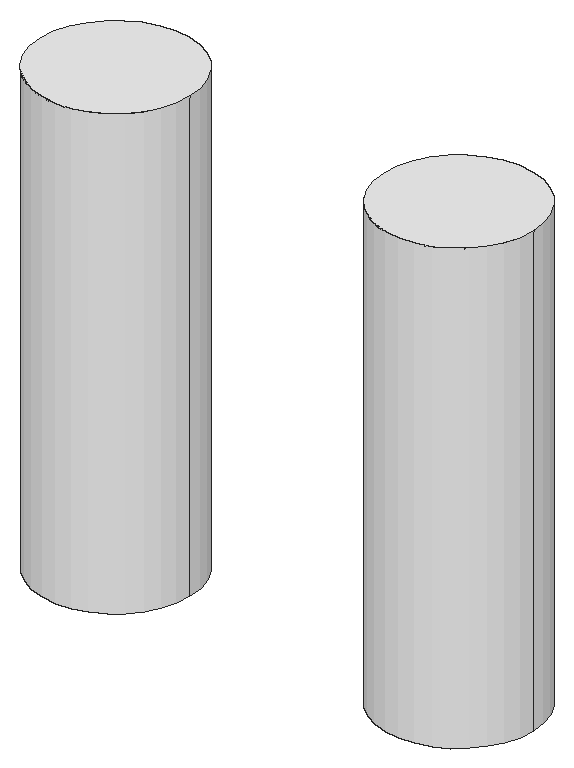
Revit family "563622030037", category Plumbing Fixtures, Revit 2020
Family settings
  Round Connector Dimension = Use Diameter
  Part Type = Normal
  OmniClass Number = 23.45.55.00
  OmniClass Title = Sanitary Faucets, Wastes
  Work Plane-Based = No
  Always vertical = Yes
  Cut with Voids When Loaded = No
  Shared = No
  Room Calculation Point = No
Parameters (values of type "563622030037 Washbasin faucet")
  Working Pressure = "50 - 1000 kPa"
  WarrantyStartDate [instance] = "n/a"
  WarrantyGuarantorParts = "n/a"
  WarrantyGuarantorLabor = "n/a"
  WarrantyDurationUnit = "Year"
  WarrantyDurationParts = "n/a"
  WarrantyDurationLabor = "n/a"
  WarrantyDescription = "http://warranty.hansa.com"
  Warranty Information URL = "http://warranty.hansa.com"
  VersionDate = "01/06/2023"
  Version = "1"
  ValvePattern = "n/a"
  ValveOperation = "n/a"
  ValveMechanism = "n/a"
  Uniclass2015Reference = "Pr_40_20_87_96"
  Uniclass2015Description = "Washbasin manual water supply sets"
  Uniclass2 = "Pr_40_30_96_96"
  URL REACH = "http://static.hansa.com/doc/reach"
  URL Materials Declaration = "http://www.hansa.com/fileadmin/resources/182727_563622030037_materialsdeclaration.pdf"
  URL Global Mark = "http://static.hansa.com/Globalmark/563622030037"
  URL Environmental Product Declaration EPD = "http://www.hansa.com/fileadmin/resources/184523_EPD_Washbasin faucet.pdf"
  URL EcoLabel Declaration = "http://static.hansa.com/doc/EcoLabel"
  URL EU Packaging Declaration = "http://static.hansa.com/doc/packaging"
  URL Declaration of SCIP = "http://static.hansa.com/doc/SCIP"
  URL Declaration of Conformity = "http://static.hansa.com/DoC/563622030037"
  URL Declaration of Asbestos = "http://static.hansa.com/doc/asbestos"
  URL Declaration Of Performance (DOP) = "http://static.hansa.com/doc/DoP"
  URL = ""
  UNSPSC Class Number = "30181700 Faucets or taps"
  TestPressure = "n/a"
  Temperature Adjustments = "Limitation option for maximum temperature and flow-rate ;Adjustable hot water stop (included, retrofittable)"
  Technical DataSheet URL = "http://www.hansa.com/datasheet/563622030037/en"
  TagNumber [instance] = "n/a"
  SustainabilityPerformance = "n/a"
  Surface treatment = "Chrome"
  Spout Type = "Fixed spout"
  Spout Projection = "102 mm"
  Spare-Part Information URL = "http://static.hansa.com/sp/563622030037"
  Size = "50x135x135 mm"
  Shape = "Sculptured"
  SerialNumber [instance] = "n/a"
  Sales Package dimensions (LxWxH) = "540 x 146 x 59"
  Revision = "n/a"
  ReplacementCost = "n/a"
  ProductInformation = "n/a"
  Product URL = "http://static.hansa.com/563622030037"
  Product Image URL = "http://static.hansa.com/image/563622030037"
  Product Family = "HANSAPALENO "
  Product Code = "563622030037"
  OperatingMechanismMaterial = "n/a"
  NominalWidth = 48.9 mm
  NominalHeight = 136 mm
  NominalDepth = 137.1 mm
  Noise Class = "I (ISO3822)"
  Name_en = "563622030037 Washbasin faucet"
  Name = "563622030037 Washbasin faucet"
  NBSReference = "45-35-70/371"
  NBSDescription = "Water supply fittings for wash basins and troughs"
  Mounting Holes = "1 hole"
  ModelReference = "563622030037"
  ModelNumber = "n/a"
  Model = "563622030037 Washbasin faucet"
  Mobile Product Information URL = "http://mpi.hansa.com/563622030037"
  Mechanical Parts = "ø 35 mm ceramic cartridge for flow and temperature control"
  Max. Hot Water Supply = 70 °C
  Material = "Brass"
  Market = "International;Australia"
  ManufacturerURL = "http://www.hansa.com"
  ManufacturerName = "HANSA"
  Manufacturer = "HANSA"
  Lever Handle = "Hot/Cold symbols;Single operating lever/handle"
  Interactive AR View URL = "https://static.hansa.com/AR/563622030037"
  InstallationDate [instance] = "n/a"
  Installation and Maintenance Guide URL = "http://static.hansa.com/manual/563622030037"
  Installation Type = "Deck mounted"
  InletConnectionSize = 10 mm
  IfcExportType = "FAUCET"  # constant formula
  IfcExportAs = "IfcValveType"  # constant formula
  Group = "Washbasin faucet"
  Grade = "n/a"
  FlowCoefficient = 0
  Flow Rate At 300kPa With Flow Controller = 0.01 L/s
  Flow Drawing URL = "http://static.hansa.com/flowchart/563622030037"
  Finish = "Polished"
  Features = "Single-lever"
  FaucetMainMaterial = Brass
  FDV Document URL = "http://www.hansa.com/datasheet/563622030037/en/fdv"
  ExpectedLife = "n/a"
  Excluded Items = "Without pop-up waste"
  ETIM Class Number = "EC011328 Washbasin mixing tap"
  EN Standard = "EN 817"
  EAN Number = "4057304012068"
  DurationUnit = "Year"
  Dimension Drawing URL = "http://static.hansa.com/dimdrw/563622030037"
  Description = ""
  DefaultElevation [instance] = 900 mm
  Default Elevation = 0 mm
  Constituents = "n/a"
  Connection Size = "G1/2"
  Connection = "Flexible inlet pipes"
  Color = "Chrome"
  CodePerformance = "n/a"
  CloseOffRating = 0
  Certificate Global Mark = "GM-WM-040199-I02-R00"
  Category = "Washbasin"
  Catalog Drawing URL = "http://static.hansa.com/catdrw/563622030037"
  CO2 Emissions (D) = -5.67
  CO2 Emissions (C4) = 0.06
  CO2 Emissions (C3) = 0.02
  CO2 Emissions (C2) = 0.01
  CO2 Emissions (B7) = 1854
  CO2 Emissions (A4) = 0.22
  CO2 Emissions (A1-A3) = 7.98
  Brand = "HANSA"
  BodyMaterial = "Brass"
  Barcode [instance] = "n/a"
  BIMObjectName = "563622030037"
  Author = "BIMStone"
  AssetType = "Fixed"
  AssetIdentifier [instance] = "n/a"
  Aerator = "Standard aerator"
  Advanced Features = "3S-installation system for safe and simple mounting"
  AccessibilityPerformance = "n/a"
  3D View = "https://static.hansa.com/AR/563622030037"
  2D/3D/BIM Files URL = "http://static.hansa.com/bim/563622030037"
Reference planes
  plane 1 "Center (Front/Back)": y = 0
  plane 2: z = 0
  plane 3 "Center (Left/Right)": x = 0
  plane 4: x = -24.45
  plane 5: z = 900
  plane 6: z = 870
  plane 7: y = -137.1
  plane 8: x = 24.45
  plane 9: z = 1036
Forms (mm)
  Extrusion 1, solid, material "Brass" <- "FaucetMainMaterial"
    sketch origin (-44.989, 12.403, 0) x (1, 0, 0) y (0, 1, 0)
      loop
        circle (33.489, -36) r 5
      loop
        circle (56.489, -36) r 5
    from 870 to 900
Dimensions and locks
  "DefaultElevation": plane 5 to level
  locked: plane 5 to plane 6 at 30
  "NominalDepth": plane 7 to plane 1 "Center (Front/Back)"
  "NominalHeight": plane 9 to plane 5
  equal spacing: plane 4, plane 3 "Center (Left/Right)", plane 8
  "NominalWidth": plane 4 to plane 8
  "InletConnectionSize": diameter of Extrusion 1 sketch curve  (x2)
  aligned and locked: level to plane 2
  aligned and locked: plane 5 to Extrusion 1
  aligned and locked: Extrusion 1 to plane 6
  aligned and locked: nested 2 to plane 5
Automatic sketch dimensions
  Extrusion 1 sketch curve to plane 3 "Center (Left/Right)" = 11.5 mm
  plane 3 "Center (Left/Right)" to Extrusion 1 sketch curve = 11.5 mm
  plane 1 "Center (Front/Back)" to Extrusion 1 sketch curve = 23.597 mm  (x2)
Nested families
  nested 1: "Symbol" at (0, 0, 0), type "Symbol", detail levels coarse
  nested 2: "563622030037_p" at (0, 0, 900), Main <- "FaucetMainMaterial", type "563622030037_p"
    with Main Brass
Connectors
  piping at (-11.5, -23.597, 870), diameter 10, driven by "InletConnectionSize"
    settings: on Extrusion 1, index 1, connector inside diameter 609.6 mm, connector length 0 mm, flow factor 0, pipe flow 0.1 L/s, pressure drop 0.0 Pa, fitting loss kfactor 0, connector angle 0.00°, fixture units 0, engagement length 0 mm, angle of deflection 0.00°, flow configuration 1, flow direction 1, fitting loss method 0, system type 19, joint type 0, gender type 0, connector reference index -1, connector utility 0, adjustable connector no, is connector primary yes, connector description ""
  piping at (11.5, -23.597, 870), diameter 10, driven by "InletConnectionSize"
    settings: on Extrusion 1, index 2, connector inside diameter 609.6 mm, connector length 0 mm, flow factor 0, pipe flow 0.1 L/s, pressure drop 0.0 Pa, fitting loss kfactor 0, connector angle 0.00°, fixture units 0, engagement length 0 mm, angle of deflection 0.00°, flow configuration 1, flow direction 1, fitting loss method 0, system type 20, joint type 0, gender type 0, connector reference index -1, connector utility 0, adjustable connector no, is connector primary no, connector description ""
Definition of nested family "Symbol"
  Reference planes
    plane 1: y = 0
    plane 2: x = 0
  Lines and regions (mm)
    detail lines
      curve 1: line (0, 0, 0) -> (0, -1.8, 0)
      curve 2: line (-0.4, -1.1, 0) -> (0.4, -1.1, 0)
      curve 3: line (-0.4, -1.4, 0) -> (0.4, -1.4, 0)
      curve 4: line (0.863, 0, 0) -> (-0.863, 0, 0)
      curve 5: circle (-1.163, 0, 0) r 0.3 normal (0, 0, -1)
      curve 6: circle (1.163, 0, 0) r 0.3 normal (0, 0, 1)
